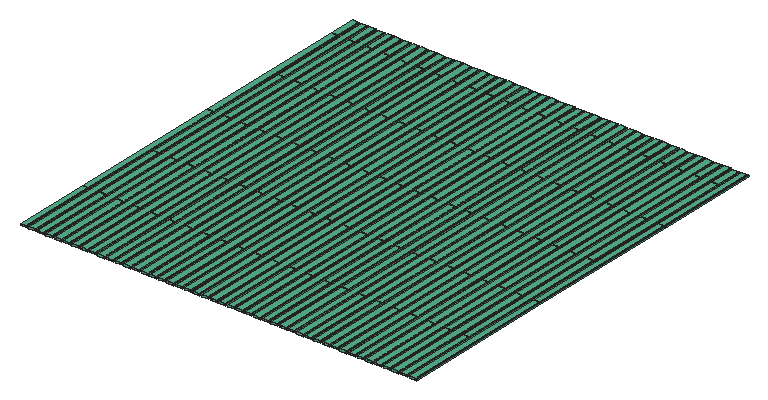
Revit family "2314-3, Hardwood or Veneer", category Generic Models, host Ceiling, Revit 2020
Family settings
  Host = Ceiling
  Can host rebar = No
  Round Connector Dimension = Use Diameter
  Part Type = Normal
  Always vertical = Yes
  Cut with Voids When Loaded = No
  Shared = No
  Room Calculation Point = No
Parameters
  OC SPACING [instance] = .. MEMBER WIDTH + 0' 0 3/4"  # 0' - 4"
  PROJECT WIDTH [instance] = 15' - 0"
  PROJECT LENGTH [instance] = 16' - 0"
  PANELS COUNT 2 [instance] = rounddown((PROJECT LENGTH - .. MEMBER LENGTH 3) / .. MEMBER LENGTH 2)  # 2
  PANELS COUNT [instance] = rounddown(PROJECT LENGTH / .. MEMBER LENGTH 2)  # 2
  MEMBER WIDTH COUNT 2 [instance] = (PROJECT WIDTH / OC SPACING) / 2  # 23
  .. MEMBER WIDTH COUNT [instance] = (PROJECT WIDTH / OC SPACING) / 2  # 23
  .. MEMBER MATERIAL [instance] = 9WOOD WESTERN HEMLOCK
  .. MEMBER LENGTH 4 [instance] = ((PROJECT LENGTH - .. MEMBER LENGTH 3) - (PANELS COUNT 2 * .. MEMBER LENGTH 2))  # 1' - 0"
  .. MEMBER LENGTH 3 [instance] = .. MEMBER LENGTH 2 / 2  # 3' - 0"
  INDENT [instance] = 0' - 0 5/8"
  Default Elevation = 0' - 0"
  .. MEMBER WIDTH [instance] = 0' - 3 1/4"  # constant formula
  .. MEMBER LENGTH 2 [instance] = 6' - 0"
  .. MEMBER LENGTH [instance] = PROJECT LENGTH - (PANELS COUNT * .. MEMBER LENGTH 2)  # 4' - 0"
  .. MEMBER DEPTH [instance] = 0' - 0 3/4"
Reference planes (in)
  plane 1 "Center (Front/Back)": y = 0
  plane 2 "Ceiling": z = 96
  plane 3 "Center (Left/Right)": x = 0
  plane 4: y = 72
  plane 5: y = 144
  plane 6: y = 108
  plane 7: y = 36
  plane 8: y = 192
  plane 9: y = 144
  plane 10: y = 180
  plane 11: x = 180
  plane 12: x = 4
Dimensions and locks (in)
  equal spacing: host sketch curve, plane 3 "Center (Left/Right)", host sketch curve
  equal spacing: host sketch curve, plane 1 "Center (Front/Back)", host sketch curve
  host sketch curve to host sketch curve = 10' - 0"  (x2)
  group 1 to group 2 = 0' - 0"  (x2)
  group 1 to group 2 = 6' - 0"
  ".. MEMBER LENGTH 2": plane 5 to plane 4
  ".. MEMBER LENGTH 2": plane 6 to plane 7
  "PROJECT LENGTH": plane 1 "Center (Front/Back)" to plane 8
  group 3 to group 4 = 0' - 0"  (x2)
  group 3 to group 4 = 6' - 0"
  ".. MEMBER LENGTH 3": plane 1 "Center (Front/Back)" to plane 7
  ".. MEMBER LENGTH 2": plane 1 "Center (Front/Back)" to plane 4
  ".. MEMBER LENGTH": plane 8 to plane 9
  ".. MEMBER LENGTH 4": plane 8 to plane 10
  "PROJECT WIDTH": plane 3 "Center (Left/Right)" to plane 11
  "OC SPACING": plane 3 "Center (Left/Right)" to plane 12
  aligned and locked: plane 1 "Center (Front/Back)" to nested 1
  aligned and locked: nested 2 to plane 4
  aligned and locked: nested 4 to plane 4
  aligned and locked: plane 7 to nested 3
  aligned and locked: plane 6 to nested 3
  aligned and locked: nested 6 to plane 6
  aligned and locked: nested 5 to plane 9
  aligned and locked: plane 10 to nested 7
  aligned and locked: plane 12 to nested 2
  aligned and locked: plane 12 to nested 4
  aligned and locked: plane 12 to nested 5
Nested families (in)
  nested 1: "(COPY 1) 2300 STAGGERED" at (0, 0, 85.44644), .. MEMBER DEPTH <- ".. MEMBER DEPTH", .. MEMBER WIDTH <- ".. MEMBER WIDTH", INDENT <- "INDENT", MEMBER LENGTH <- ".. MEMBER LENGTH 3", REVEAL <- "OC SPACING", MEMBER 1 COUNT <- ".. MEMBER WIDTH COUNT", .. MEMBER MATERIAL <- ".. MEMBER MATERIAL", type "(COPY 1) 2300 STAGGERED"
    with REVEAL X2 0' - 8", REVEAL 0' - 4", MEMBER LENGTH 2 1' - 6", MEMBER LENGTH 3' - 0", MEMBER COUNT 2 5, MEMBER 1 COUNT 23, INDENT 0' - 0 5/8", .. MEMBER WIDTH 0' - 3 1/4", .. MEMBER MATERIAL 9WOOD WESTERN HEMLOCK, .. MEMBER DEPTH 0' - 0 3/4"
  nested 2: "(COPY 1) 2300 STAGGERED" at (4, 0, 85.44644), .. MEMBER DEPTH <- ".. MEMBER DEPTH", .. MEMBER WIDTH <- ".. MEMBER WIDTH", INDENT <- "INDENT", MEMBER LENGTH <- ".. MEMBER LENGTH 2", MEMBER 1 COUNT <- "MEMBER WIDTH COUNT 2", REVEAL <- "OC SPACING", .. MEMBER MATERIAL <- ".. MEMBER MATERIAL", type "(COPY 1) 2300 STAGGERED"
    with REVEAL X2 0' - 8", REVEAL 0' - 4", MEMBER LENGTH 2 3' - 0", MEMBER LENGTH 6' - 0", MEMBER COUNT 2 5, MEMBER 1 COUNT 23, INDENT 0' - 0 5/8", .. MEMBER WIDTH 0' - 3 1/4", .. MEMBER MATERIAL 9WOOD WESTERN HEMLOCK, .. MEMBER DEPTH 0' - 0 3/4"
  nested 3: "(COPY 1) 2300 STAGGERED" at (0, 36, 85.44644), .. MEMBER DEPTH <- ".. MEMBER DEPTH", .. MEMBER WIDTH <- ".. MEMBER WIDTH", INDENT <- "INDENT", MEMBER LENGTH <- ".. MEMBER LENGTH 2", MEMBER 1 COUNT <- ".. MEMBER WIDTH COUNT", REVEAL <- "OC SPACING", .. MEMBER MATERIAL <- ".. MEMBER MATERIAL", type "(COPY 1) 2300 STAGGERED"
    with REVEAL X2 0' - 8", REVEAL 0' - 4", MEMBER LENGTH 2 3' - 0", MEMBER LENGTH 6' - 0", MEMBER COUNT 2 5, MEMBER 1 COUNT 23, INDENT 0' - 0 5/8", .. MEMBER WIDTH 0' - 3 1/4", .. MEMBER MATERIAL 9WOOD WESTERN HEMLOCK, .. MEMBER DEPTH 0' - 0 3/4"
  nested 4: "(COPY 1) 2300 STAGGERED" at (4, 72, 85.44644), .. MEMBER DEPTH <- ".. MEMBER DEPTH", .. MEMBER WIDTH <- ".. MEMBER WIDTH", INDENT <- "INDENT", MEMBER LENGTH <- ".. MEMBER LENGTH 2", MEMBER 1 COUNT <- "MEMBER WIDTH COUNT 2", REVEAL <- "OC SPACING", .. MEMBER MATERIAL <- ".. MEMBER MATERIAL", type "(COPY 1) 2300 STAGGERED"
    with REVEAL X2 0' - 8", REVEAL 0' - 4", MEMBER LENGTH 2 3' - 0", MEMBER LENGTH 6' - 0", MEMBER COUNT 2 5, MEMBER 1 COUNT 23, INDENT 0' - 0 5/8", .. MEMBER WIDTH 0' - 3 1/4", .. MEMBER MATERIAL 9WOOD WESTERN HEMLOCK, .. MEMBER DEPTH 0' - 0 3/4"
  nested 5: "(COPY 1) 2300 STAGGERED" at (4, 144, 85.44644), .. MEMBER DEPTH <- ".. MEMBER DEPTH", .. MEMBER WIDTH <- ".. MEMBER WIDTH", INDENT <- "INDENT", MEMBER LENGTH <- ".. MEMBER LENGTH", REVEAL <- "OC SPACING", MEMBER 1 COUNT <- "MEMBER WIDTH COUNT 2", .. MEMBER MATERIAL <- ".. MEMBER MATERIAL", type "(COPY 1) 2300 STAGGERED"
    with REVEAL X2 0' - 8", REVEAL 0' - 4", MEMBER LENGTH 2 2' - 0", MEMBER LENGTH 4' - 0", MEMBER COUNT 2 5, MEMBER 1 COUNT 23, INDENT 0' - 0 5/8", .. MEMBER WIDTH 0' - 3 1/4", .. MEMBER MATERIAL 9WOOD WESTERN HEMLOCK, .. MEMBER DEPTH 0' - 0 3/4"
  nested 6: "(COPY 1) 2300 STAGGERED" at (0, 108, 85.44644), .. MEMBER DEPTH <- ".. MEMBER DEPTH", .. MEMBER WIDTH <- ".. MEMBER WIDTH", INDENT <- "INDENT", MEMBER LENGTH <- ".. MEMBER LENGTH 2", MEMBER 1 COUNT <- ".. MEMBER WIDTH COUNT", REVEAL <- "OC SPACING", .. MEMBER MATERIAL <- ".. MEMBER MATERIAL", type "(COPY 1) 2300 STAGGERED"
    with REVEAL X2 0' - 8", REVEAL 0' - 4", MEMBER LENGTH 2 3' - 0", MEMBER LENGTH 6' - 0", MEMBER COUNT 2 5, MEMBER 1 COUNT 23, INDENT 0' - 0 5/8", .. MEMBER WIDTH 0' - 3 1/4", .. MEMBER MATERIAL 9WOOD WESTERN HEMLOCK, .. MEMBER DEPTH 0' - 0 3/4"
  nested 7: "(COPY 1) 2300 STAGGERED" at (0, 180, 85.44644), .. MEMBER DEPTH <- ".. MEMBER DEPTH", .. MEMBER WIDTH <- ".. MEMBER WIDTH", INDENT <- "INDENT", MEMBER LENGTH <- ".. MEMBER LENGTH 4", REVEAL <- "OC SPACING", MEMBER 1 COUNT <- ".. MEMBER WIDTH COUNT", .. MEMBER MATERIAL <- ".. MEMBER MATERIAL", type "(COPY 1) 2300 STAGGERED"
    with REVEAL X2 0' - 8", REVEAL 0' - 4", MEMBER LENGTH 2 0' - 6", MEMBER LENGTH 1' - 0", MEMBER COUNT 2 3, MEMBER 1 COUNT 23, INDENT 0' - 0 5/8", .. MEMBER WIDTH 0' - 3 1/4", .. MEMBER MATERIAL 9WOOD WESTERN HEMLOCK, .. MEMBER DEPTH 0' - 0 3/4"
Definition of nested family "(COPY 1) 2300 STAGGERED"
  Parameters (values of type "(COPY 1) 2300 STAGGERED")
    REVEAL X2 [instance] = REVEAL * 2  # 0' - 8"
    REVEAL [instance] = 0' - 4"
    MEMBER LENGTH 2 [instance] = MEMBER LENGTH / 2  # 3' - 0"
    MEMBER LENGTH [instance] = 6' - 0"
    MEMBER COUNT 2 [instance] = 5
    MEMBER 1 COUNT [instance] = 5
    INDENT [instance] = 0' - 0 5/8"
    Default Elevation = 0' - 0"
    .. MEMBER WIDTH [instance] = 0' - 3 1/4"
    .. MEMBER MATERIAL [instance] = none
    .. MEMBER DEPTH [instance] = 0' - 0 3/4"
  Reference planes (in)
    plane 1 "Center (Front/Back)": y = 0
    plane 2: z = 0
    plane 3 "Center (Left/Right)": x = 0
    plane 4: x = 8
    plane 5: x = 4
    plane 6: x = 12
  Dimensions and locks (in)
    equal spacing: group 1, group 2, group 3, group 4, group 5  (x3)
    "REVEAL X2": plane 3 "Center (Left/Right)" to plane 4
    "REVEAL": plane 3 "Center (Left/Right)" to plane 5
    "REVEAL X2": plane 5 to plane 6
    aligned and locked: plane 2 to level
    aligned and locked: plane 4 to nested 2
    aligned and locked: plane 1 "Center (Front/Back)" to nested 1
    aligned and locked: plane 1 "Center (Front/Back)" to nested 2
    aligned and locked: nested 2 to plane 4
  Nested families (in)
    nested 1: "2300 DEV" at (0, 0, 0), MEMBER LENGTH <- "MEMBER LENGTH", MEMBER MATERIAL <- ".. MEMBER MATERIAL", MEMBER WIDTH <- ".. MEMBER WIDTH", MEMBER DEPTH <- ".. MEMBER DEPTH", INDENT <- "INDENT", type "2300 DEV"
      with MEMBER WIDTH 0' - 3 1/4", MEMBER MATERIAL none, MEMBER LENGTH 6' - 0", MEMBER DEPTH 0' - 0 3/4", INDENT 0' - 0 5/8"
    nested 2: "2300 DEV" at (8, 0, 0), MEMBER LENGTH <- "MEMBER LENGTH", MEMBER MATERIAL <- ".. MEMBER MATERIAL", MEMBER WIDTH <- ".. MEMBER WIDTH", MEMBER DEPTH <- ".. MEMBER DEPTH", INDENT <- "INDENT", type "2300 DEV"
      with MEMBER WIDTH 0' - 3 1/4", MEMBER MATERIAL none, MEMBER LENGTH 6' - 0", MEMBER DEPTH 0' - 0 3/4", INDENT 0' - 0 5/8"
    nested 3: "2300 DEV" at (16, 0, 0), MEMBER LENGTH <- "MEMBER LENGTH", MEMBER MATERIAL <- ".. MEMBER MATERIAL", MEMBER WIDTH <- ".. MEMBER WIDTH", MEMBER DEPTH <- ".. MEMBER DEPTH", INDENT <- "INDENT", type "2300 DEV"
      with MEMBER WIDTH 0' - 3 1/4", MEMBER MATERIAL none, MEMBER LENGTH 6' - 0", MEMBER DEPTH 0' - 0 3/4", INDENT 0' - 0 5/8"
    nested 4: "2300 DEV" at (24, 0, 0), MEMBER LENGTH <- "MEMBER LENGTH", MEMBER MATERIAL <- ".. MEMBER MATERIAL", MEMBER WIDTH <- ".. MEMBER WIDTH", MEMBER DEPTH <- ".. MEMBER DEPTH", INDENT <- "INDENT", type "2300 DEV"
      with MEMBER WIDTH 0' - 3 1/4", MEMBER MATERIAL none, MEMBER LENGTH 6' - 0", MEMBER DEPTH 0' - 0 3/4", INDENT 0' - 0 5/8"
    nested 5: "2300 DEV" at (32, 0, 0), MEMBER LENGTH <- "MEMBER LENGTH", MEMBER MATERIAL <- ".. MEMBER MATERIAL", MEMBER WIDTH <- ".. MEMBER WIDTH", MEMBER DEPTH <- ".. MEMBER DEPTH", INDENT <- "INDENT", type "2300 DEV"
      with MEMBER WIDTH 0' - 3 1/4", MEMBER MATERIAL none, MEMBER LENGTH 6' - 0", MEMBER DEPTH 0' - 0 3/4", INDENT 0' - 0 5/8"
  Definition of nested family "2300 DEV"
    Parameters (values of type "2300 DEV")
      MEMBER WIDTH [instance] = 0' - 2 1/4"
      MEMBER MATERIAL [instance] = none
      MEMBER LENGTH [instance] = 2' - 6"
      MEMBER DEPTH [instance] = 0' - 0 5/8"
      INDENT [instance] = 0' - 0 5/8"
      Default Elevation = 0' - 0"
    Reference planes (in)
      plane 1 "Center (Front/Back)": y = 0
      plane 2: z = 10.55356
      plane 3 "Center (Left/Right)": x = 0
      plane 4: x = 2.25
      plane 5: x = 1.625
      plane 6: x = 0.625
      plane 7: z = 9.92856
      plane 8: x = 0.25
      plane 9: x = 2
      plane 10: y = 30
    Forms (in)
      Extrusion 1, void, not visible
        sketch origin (-0.375, 0, 0) x (1, 0, 0) y (0, 0, 1)
          loop
            line (4.125, 11.30356) -> (4.125, 11.17856) -> (4.0625, 11.11606) -> (3.75, 11.11606) -> (3.75, 10.92856) -> (4.25, 10.92856) -> (4.65478, 10.92856) -> (4.65478, 11.30356) -> (4.25, 11.30356) -> (4.125, 11.30356)
        from 0 to 30
      Extrusion 2, void, not visible
        sketch origin (4.5, 0, 0) x (-1, 0, 0) y (0, 0, 1)
          loop
            line (4.5, 11.30356) -> (4.25, 11.30356) -> (4.25, 11.17856) -> (4.1875, 11.11606) -> (3.875, 11.11606) -> (3.875, 10.92856) -> (4.78125, 10.92856) -> (4.78125, 11.30356) -> (4.5, 11.30356)
        from 0 to 30
      Extrusion 3, solid, material <- "MEMBER MATERIAL"
        sketch origin (0, 0, -0.75) x (1, 0, 0) y (0, 0, 1)
          loop
            line (0, 11.30356) -> (0, 10.67856) -> (2.25, 10.67856) -> (2.25, 11.30356) -> (0, 11.30356)
        from 0 to -30
      Extrusion 4, void
        sketch origin (0, 0, 0) x (1, 0, 0) y (0, 0, 1)
          loop
            line (2.53125, 10.55356) -> (2, 10.55356) -> (2, 10.42856) -> (1.9375, 10.36606) -> (1.625, 10.36606) -> (1.625, 10.17856) -> (2.53125, 10.17856) -> (2.53125, 10.55356)
        from 0 to -30
      Extrusion 5, void, not visible
        sketch origin (0, 0, 0) x (1, 0, 0) y (0, 0, 1)
          loop
            line (2.53125, 10.55356) -> (2, 10.55356) -> (2, 10.42856) -> (1.9375, 10.36606) -> (1.625, 10.36606) -> (1.625, 10.17856) -> (2.53125, 10.17856) -> (2.53125, 10.55356)
        from 0 to 12
      Extrusion 6, void
        sketch origin (0, 0, 0) x (1, 0, 0) y (0, 0, 1)
          loop
            line (-0.28125, 10.55356) -> (-0.28125, 10.17856) -> (0.625, 10.17856) -> (0.625, 10.36606) -> (0.3125, 10.36606) -> (0.25, 10.42856) -> (0.25, 10.55356) -> (-0.28125, 10.55356)
        from 0 to -30
    Cuts and joins
      Extrusion 4, Extrusion 6 cuts Extrusion 3
    Lines and regions (in)
      model lines, not visible
        curve 1: line (9.45582, 0, 10.55356) -> (14.70582, 0, 10.55356)
        curve 2: line (14.70582, 0, 10.55356) -> (14.70582, 0, 10.92856)
        curve 3: line (14.70582, 0, 10.92856) -> (14.20582, 0, 10.92856)
        curve 4: line (14.20582, 0, 10.92856) -> (14.20582, 0, 11.11606)
        curve 5: line (14.20582, 0, 11.11606) -> (14.51832, 0, 11.11606)
        curve 6: line (14.58082, 0, 11.30356) -> (14.58082, 0, 11.17856)
        curve 7: line (14.58082, 0, 11.17856) -> (14.51832, 0, 11.11606)
        curve 8: line (14.58082, 0, 11.30356) -> (9.58082, 0, 11.30356)
        curve 9: line (9.45582, 0, 10.55356) -> (9.45582, 0, 10.92856)
        curve 10: line (9.45582, 0, 10.92856) -> (9.95582, 0, 10.92856)
        curve 11: line (9.95582, 0, 10.92856) -> (9.95582, 0, 11.11606)
        curve 12: line (9.95582, 0, 11.11606) -> (9.64332, 0, 11.11606)
        curve 13: line (9.58082, 0, 11.30356) -> (9.58082, 0, 11.17856)
        curve 14: line (9.58082, 0, 11.17856) -> (9.64332, 0, 11.11606)
        curve 15: line (5.25, 0, 10.55356) -> (5.25, 0, 10.92856)
        curve 16: line (5.25, 0, 10.92856) -> (4.75, 0, 10.92856)
        curve 17: line (4.75, 0, 10.92856) -> (4.75, 0, 11.11606)
        curve 18: line (4.75, 0, 11.11606) -> (5.0625, 0, 11.11606)
        curve 19: line (5.125, 0, 11.30356) -> (5.125, 0, 11.17856)
        curve 20: line (5.125, 0, 11.17856) -> (5.0625, 0, 11.11606)
    Dimensions and locks (in)
      "MEMBER WIDTH": plane 3 "Center (Left/Right)" to plane 4
      "INDENT": plane 4 to plane 5
      "INDENT": plane 6 to plane 3 "Center (Left/Right)"
      "MEMBER DEPTH": plane 7 to level
      locked: plane 5 to plane 9 at 0.375
      locked: plane 8 to plane 6 at 0.375
      "MEMBER LENGTH": plane 1 "Center (Front/Back)" to plane 10
      aligned and locked: plane 2 to level
      aligned and locked: Extrusion 3 sketch curve to plane 4
      aligned and locked: plane 7 to Extrusion 3
      aligned and locked: level to Extrusion 3
      aligned and locked: Extrusion 3 to plane 1 "Center (Front/Back)"
      aligned and locked: cut or joined group of Extrusion 3, Extrusion 4, Extrusion 6 to plane 5
      aligned and locked: plane 6 to cut or joined group of Extrusion 3, Extrusion 4, Extrusion 6
      aligned and locked: plane 1 "Center (Front/Back)" to cut or joined group of Extrusion 3, Extrusion 4, Extrusion 6
      aligned and locked: plane 9 to cut or joined group of Extrusion 3, Extrusion 4, Extrusion 6
      aligned and locked: plane 8 to cut or joined group of Extrusion 3, Extrusion 4, Extrusion 6
      aligned and locked: plane 10 to cut or joined group of Extrusion 3, Extrusion 4, Extrusion 6
      aligned and locked: plane 10 to Extrusion 4
      aligned and locked: plane 10 to Extrusion 6
    Automatic sketch dimensions
      Extrusion 1 sketch curve to Extrusion 1 sketch curve = 0' - 0 1/16"  (x2)
      Extrusion 1 sketch curve to Extrusion 1 sketch curve = 0' - 0.40478"
      Extrusion 1 sketch curve to Extrusion 1 sketch curve = 0' - 0 3/16"  (x2)
      Extrusion 1 sketch curve to Extrusion 1 sketch curve = 0' - 0 1/8"  (x2)
      Extrusion 1 sketch curve to Extrusion 1 sketch curve = 0' - 0 5/16"
      Extrusion 2 sketch curve to Extrusion 2 sketch curve = 0' - 0 3/16"  (x2)
      Extrusion 2 sketch curve to Extrusion 2 sketch curve = 0' - 0 1/16"  (x2)
      Extrusion 2 sketch curve to Extrusion 2 sketch curve = 0' - 0 9/32"
      Extrusion 2 sketch curve to Extrusion 2 sketch curve = 0' - 0 1/4"
      Extrusion 2 sketch curve to Extrusion 2 sketch curve = 0' - 0 5/16"
      Extrusion 4 sketch curve to Extrusion 4 sketch curve = 0' - 0 5/16"
      Extrusion 4 sketch curve to Extrusion 4 sketch curve = 0' - 0 1/16"  (x2)
      Extrusion 4 sketch curve to Extrusion 4 sketch curve = 0' - 0 3/16"
      Extrusion 4 sketch curve to Extrusion 4 sketch curve = 0' - 0 17/32"
      Extrusion 4 sketch curve to Extrusion 4 sketch curve = 0' - 0 3/8"
      Extrusion 5 sketch curve to Extrusion 5 sketch curve = 0' - 0 5/16"
      Extrusion 5 sketch curve to Extrusion 5 sketch curve = 0' - 0 1/16"  (x2)
      Extrusion 5 sketch curve to Extrusion 5 sketch curve = 0' - 0 3/16"
      Extrusion 5 sketch curve to Extrusion 5 sketch curve = 0' - 0 17/32"
      Extrusion 5 sketch curve to Extrusion 5 sketch curve = 0' - 0 3/8"
      Extrusion 6 sketch curve to Extrusion 6 sketch curve = 0' - 0 5/16"
      Extrusion 6 sketch curve to Extrusion 6 sketch curve = 0' - 0 1/16"  (x2)
      Extrusion 6 sketch curve to Extrusion 6 sketch curve = 0' - 0 3/16"
      Extrusion 6 sketch curve to Extrusion 6 sketch curve = 0' - 0 17/32"
      Extrusion 6 sketch curve to Extrusion 6 sketch curve = 0' - 0 3/8"
      Extrusion 3 sketch curve to plane 3 "Center (Left/Right)" = 0' - 0"
      Extrusion 3 sketch curve to plane 7 = 0' - 0"
      Extrusion 3 sketch curve to level = 0' - 0"
      Extrusion 4 sketch curve to plane 5 = 0' - 0"
      Extrusion 4 sketch curve to level = 0' - 0"
      Extrusion 6 sketch curve to level = 0' - 0"
      Extrusion 6 sketch curve to plane 6 = 0' - 0"
